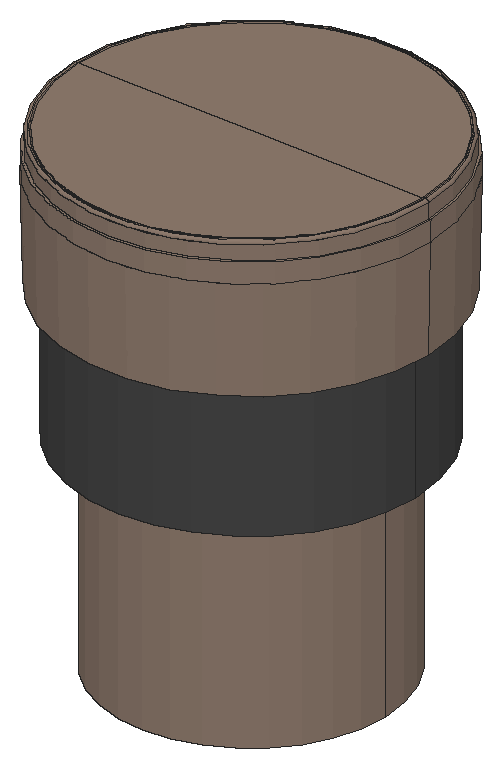
Revit family
Parameters (values of type "4023S06")
  Weight (lb) = 29.67
  Warranty = "1 year material and workmanship"  # constant formula
  URL = "http://www.jrsmith.com"
  Technical and Installation = "http://www.jrsmith.com/products/cleanout/pm/tech.pdf"
  SmartBIM Object Version = 3  # constant formula
  SmartBIM Object Created By = "Reed Construction Data"  # constant formula
  Product URL = "http://www.jrsmith.com/products/cleanout/submittal/d4023.pdf"
  Pipe Radius = Pipe Diameter / 2  # 3"
  Pipe Diameter = 6"
  OmniClass Title = "Sanitary Waste Piping Specialities"  # constant formula
  OmniClass Code = "22-22 13 19 13"  # constant formula
  Model = "4023"  # constant formula
  Material Finish = Duco Coated
  Material = Cast Iron
  Manufacturer = "Jay R. Smith Mfg. Co. "  # constant formula
  Flow Rate = ""
  Floor Offest = 3 1/8"
  Description = "Duco cast iron cleanout with round adjustable scoriated secured nickel bronze top"  # constant formula
  Default Elevation = 0"
  Connection Type = ""
  Assembly Code = "D2030400"
  95 CSI = "15155"  # constant formula
  04 CSI = "22 13 19"  # constant formula
Types (2): name | Weight (lb) | Pipe Radius | Pipe Diameter
  4023S06 | 29.67 | 3" | 6"
  4023S08 | 32.36 | 4" | 8"
Reference planes (in)
  plane 1 "Center (Front/Back)": y = 0.90625
  plane 2: z = 0
  plane 3 "Center (Left/Right)": x = 0
  plane 4: y = 5.625
  plane 5: y = -3.8125
  plane 6: x = -4.25
  plane 7: x = 4.25
  plane 8: z = -3.12957
  plane 9: z = -6.25457
Dimensions and locks (in)
  equal spacing: plane 7, plane 3 "Center (Left/Right)", plane 6
  plane 7 to plane 6 = 8 1/2"
  equal spacing: plane 5, plane 1 "Center (Front/Back)", plane 4
  "Floor Offest": plane 8 to plane 9
  locked: level to plane 8 at 3.12957
  aligned and locked: level to nested 1
Nested families (in)
  nested 1: "4023s" at (0, 0, 0), type "6" Diameter Outlet", detail levels fine
Connectors (in)
  piping at (0, 0.875, -11.12957), driven by "Pipe Radius"
    settings: on nested 1, index 1
Definition of nested family "4023s"
  Parameters (values of type "6" Diameter Outlet")
    Weight (lb) = 0
    Warranty = "1 year material and workmanship"  # constant formula
    URL = "http://www.jrsmith.com"
    Technical and Installation = "http://www.jrsmith.com/products/cleanout/pm/tech.pdf"
    SmartBIM Object Version = 3  # constant formula
    SmartBIM Object Created By = "Reed Construction Data"  # constant formula
    Product URL = "http://www.jrsmith.com/products/cleanout/submittal/d4023.pdf"
    Pipe Radius = Pipe Diameter / 2  # 3"
    Pipe Diameter = 6"
    OmniClass Title = "Sanitary Waste Piping Specialities"  # constant formula
    OmniClass Code = "22-22 13 19 13"  # constant formula
    Model = "2810"  # constant formula
    Material Finish = Duco Coated
    Material = Cast Iron
    Manufacturer = "Jay R. Smith Mfg. Co. "  # constant formula
    Flow Rate = ""
    Adjustble Height = 2 1/8"
    Description = "Duco cast iron cleanout with round adjustable scoriated secured nickel bronze top"  # constant formula
    Default Elevation = 0"
    Connection Type = ""
    Assembly Code = "D2030400"
    95 CSI = "15155"  # constant formula
    04 CSI = "22 13 19"  # constant formula
  Reference planes (in)
    plane 1 "Center (Front/Back)": y = 0.875
    plane 2: z = -3.93606
    plane 3 "Center (Left/Right)": x = 0
    plane 4: y = 7
    plane 5: y = -5.25
    plane 6: z = -11.12957
    plane 7: x = -4.25
    plane 8: x = 4.25
    plane 9: z = 0.125
    plane 10: z = -3
    plane 11: z = 0.125
    plane 12: z = 0
    plane 13: z = -5.25457
    plane 14: z = -3.12957
    plane 15: z = -11.12957
  Forms (in)
    Revolve 1, solid, material "Cast Iron" <- "Material", detail levels fine
      sketch origin (0, 0.875, -4.30715) x (1, 0, 0) y (0, 0, 1)
        loop
          line (3.83056, 3.5935) -> (4.00778, 3.5935) -> (3.92407, 1.49088) -> (3.65388, 1.49088) -> (3.65388, 1.17758) -> (4.19782, 1.17758) -> (4.242, 3.57091) -> (4.242, 4.03327) -> (3.83056, 4.03327) -> (3.83056, 3.5935)
        axis (0, 1.17758) -> (0, 4.03327)
      angle from 0 to 360
    Revolve 2, solid, material "Duco Coated" <- "Material Finish", detail levels fine
      sketch origin (0, 0.875, -4.30715) x (1, 0, 0) y (0, 0, 1)
        loop
          line (3.57406, -0.94742) -> (3.88594, -0.94742) -> (3.88594, 1.30715) -> (3.57406, 1.30715) -> (3.57406, -0.94742)
        axis (0, -0.94742) -> (0, 1.30715)
      angle from 0 to 360
    Revolve 3, solid, material "Cast Iron" <- "Material", detail levels fine
      sketch origin (0, 0.875, -4.30715) x (1, 0, 0) y (0, 0, 1)
        loop
          line (0, 4.43215) -> (0, 4.17318) -> (4.05996, 4.17318) -> (4.05996, 4.43215) -> (0, 4.43215)
        axis (0, 4.43215) -> (0, 4.17318)
      angle from 0 to 360
    Revolve 4, solid, material "Cast Iron" <- "Material", detail levels fine
      sketch origin (0, 0.875, -4.30715) x (1, 0, 0) y (0, 0, 1)
        loop
          line (3.57515, 3.53274) -> (3.73838, 3.53274) -> (3.73838, 4.03327) -> (4.1813, 4.03327) -> (4.1813, 4.36682)
          arc (4.1813, 4.36682) -> (4.16216, 4.41302) -> (4.11597, 4.43215) r 0.06533
          line (4.11597, 4.43215) -> (4.08142, 4.43215)
          arc (4.08142, 4.43215) -> (4.06625, 4.42587) -> (4.05996, 4.41069) r 0.02146
          line (4.05996, 4.41069) -> (4.05996, 4.17318) -> (3.57515, 4.17318) -> (3.57515, 3.53274)
        axis (0, 3.53274) -> (0, 4.43215)
      angle from 0 to 360
    Revolve 5, solid, material "Cast Iron" <- "Material", detail levels fine
      sketch origin (-0.77824, 0.875, -0.23684) x (1, 0, 0) y (0, 0, 1)
        loop
          line (3.77824, -10.89273) -> (3.95385, -10.89273) -> (3.95385, -5.29911)
          arc (3.95385, -5.29911) -> (3.99988, -5.18797) -> (4.11102, -5.14194) r 0.15717
          line (4.11102, -5.14194) -> (4.21965, -5.14194)
          arc (4.21965, -5.14194) -> (4.30747, -5.10556) -> (4.34385, -5.01773) r 0.12421
          line (4.34385, -5.01773) -> (3.77824, -5.01773) -> (3.77824, -10.89273)
        axis (0.77824, -10.89273) -> (0.77824, -5.01773)
      angle from 0 to 360
    Extrusion 6, solid, material "Cast Iron" <- "Material", detail levels fine
      sketch origin (0, 0, 0) x (1, 0, 0) y (0, 1, 0)
        loop
          circle (0, 0.875) r 3
      from -6.49722 to -5.25457
  Cuts and joins
    joined: Revolve 3, Revolve 4
    joined: Revolve 5, Extrusion 6
  Dimensions and locks (in)
    equal spacing: plane 5, plane 1 "Center (Front/Back)", plane 4
    plane 9 to Revolve 4 sketch curve to Revolve 4 sketch curve = 0.39888" locked, 0.50053" locked
    locked: plane 9 to Revolve 3 sketch curve at 0.25897
    plane 9 to Revolve 1 sketch curve to Revolve 1 sketch curve = 0.39888" locked, 0.43977" locked
    locked: Revolve 1 sketch curve to plane 2 at 0.80649
    locked: plane 10 to plane 2 at 0.93606
    locked: plane 11 to level at 0.125
    "Adjustble Height": plane 14 to plane 13
    locked: level to plane 14 at 3.12957
    Revolve 5 sketch curve to Revolve 5 sketch curve = 0.17561"
    Revolve 5 sketch curve to Revolve 5 sketch curve to Revolve 5 sketch curve to Revolve 5 sketch curve = 0.12421" locked, 0" locked, 0.15717" locked
    "Pipe Radius": Revolve 5 sketch curve to plane 3 "Center (Left/Right)"
    plane 8 to plane 7 = 8 1/2"
    "Adjustble Height": plane 14 to Revolve 2 sketch curve
    "Pipe Radius": radius of Extrusion 6 sketch curve
    aligned and locked: Revolve 4 sketch curve to plane 9
    aligned and locked: Revolve 3 sketch curve to plane 9
    aligned and locked: level to plane 12
    aligned and locked: plane 6 to plane 15
    aligned and locked: plane 3 "Center (Left/Right)" to Revolve 5 sketch curve
    aligned and locked: plane 3 "Center (Left/Right)" to Extrusion 6 sketch curve
    aligned and locked: plane 1 "Center (Front/Back)" to Extrusion 6 sketch curve
    aligned and locked: plane 13 to Extrusion 6
    aligned and locked: Revolve 2 sketch curve to plane 10
  Automatic sketch dimensions
    Revolve 1 sketch curve to plane 3 "Center (Left/Right)" = 0"
    plane 8 to Revolve 1 sketch curve = 0.59612"
    plane 8 to Revolve 1 sketch curve = 0.41944"
    Revolve 1 sketch curve to Revolve 1 sketch curve = 0.27018"
    Revolve 1 sketch curve to Revolve 1 sketch curve = 0.17723"
    plane 8 to Revolve 1 sketch curve = 0.05218"
    plane 8 to Revolve 1 sketch curve = 0.008"
    Revolve 1 sketch curve to plane 2 = 95/256"
    plane 10 to Revolve 1 sketch curve = 0.18373"
    Revolve 1 sketch curve to Revolve 1 sketch curve = 0.02259"
    Revolve 1 sketch curve to plane 9 = 0.00787"
    Revolve 2 sketch curve to plane 3 "Center (Left/Right)" = 0"
    Revolve 2 sketch curve to plane 2 = 95/256"
    level to Revolve 2 sketch curve = 0.00925"
    Revolve 3 sketch curve to plane 3 "Center (Left/Right)" = 0"  (x2)
    plane 8 to Revolve 3 sketch curve = 0.19004"
    Revolve 3 sketch curve to plane 2 = 95/256"
    plane 9 to Revolve 3 sketch curve = 0.07352"
    Revolve 4 sketch curve to plane 3 "Center (Left/Right)" = 0"
    plane 8 to Revolve 4 sketch curve = 0.67485"
    Revolve 4 sketch curve to Revolve 4 sketch curve = 0.16324"
    plane 8 to Revolve 4 sketch curve = 0.19004"
    Revolve 4 sketch curve to plane 9 = 0.02146"
    Revolve 4 sketch curve to Revolve 4 sketch curve = 0.03454"
    level to Revolve 4 sketch curve = 0.05967"
    Revolve 4 sketch curve to level = 1.48686"
    Revolve 4 sketch curve to plane 2 = 0.30081"
    Revolve 4 sketch curve to level = 0.13397"
    Revolve 5 sketch curve to plane 6 = 0"
    Revolve 5 sketch curve to plane 13 = 0"
    Revolve 5 sketch curve to Revolve 5 sketch curve = 0.10863"
    Revolve 5 sketch curve to level = 0.23684"
    plane 9 to Revolve 5 sketch curve = 3.95456"
    plane 8 to Revolve 2 sketch curve = 0.36406"
    Revolve 2 sketch curve to Revolve 2 sketch curve = 0.31188"
